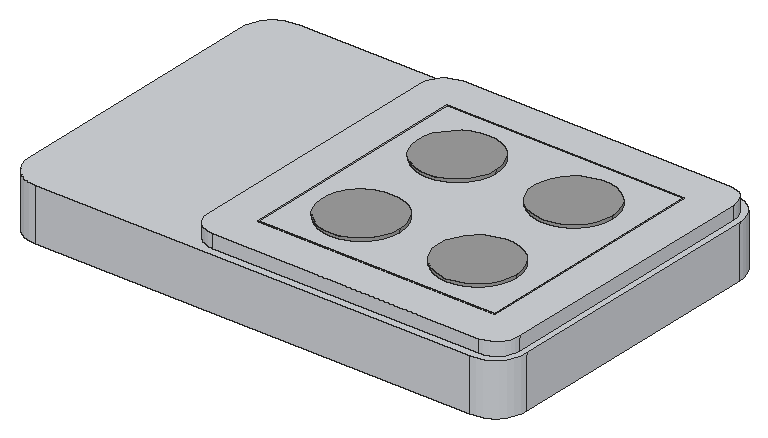
Revit family "Lighting-Industrial-GEWISS-SMART[4]HLO_HIGHBAYS-LED_1M", category Apparecchi per illuminazione, Revit 2019
Family settings
  Quota connettore circolare = Usa diametro
  Tipo di parte = Normale
  Numero OmniClass = 23.80.00.00
  Titolo OmniClass = Electric Power and Lighting
  Basato su piano di lavoro = Sì
  Sempre verticale = No
  Taglio con vuoti quando caricato = No
  Sorgente d'illuminazione = No
  Condiviso = No
  Punto di calcolo locali = No
Parameters (values of type "GWS4122BQ857 - SMART4LB 1M C.PAS.ON/OFF HLO ELL.57K")
  Wiring = "With GW connect watertight connector"
  Weight (kg): = "3,5"
  Warranty = "5 years"
  Voltaggio = 230 V
  Vetro acceso = Lampada accesa
  Version file RFA = "20.11"
  Unique digital code (Datamatrix) = "Datamatrix"
  Unified Glare Rating = "-"
  URL = "https://www.gewiss.com/ww/en"
  Type of light source = "LED - Not replaceable"
  Tilt- = "With bracket accessory"
  Technical sheet = "https://www.gewiss.com/ww/en/search?q=GWS4122BQ857"
  System power = "64W"
  Supply voltage = "220 - 240 V"
  Stocking temperature = "-40 +70 °C"
  Standards and approvals = "-"
  Standard- = "EN 60598-1 ; EN 60598-2-1 ; EN 60598-2-24"
  Standard Deviation Colour Matching = "SDCM = 3"
  Spostamento_Y_etichetta [instance] = 0 mm
  Spostamento_Y_effettivo_etichetta [instance] = 1500 mm - Spostamento_Y_etichetta  # 1500 mm
  Spostamento_X_etichetta [instance] = 0 mm
  Spostamento_X_effettivo_etichetta [instance] = 1500 mm - Spostamento_X_etichetta  # 1500 mm
  Shock resistance = "IK08"
  Shield type = "Tempered glass Thickness 4mm"
  SEO = "Low bay"
  Realized by GEWISS S.p.A. = ""
  Rated frequency (Hz) = "50/60 Hz"
  Produttore = "GEWISS S.p.A."
  Photobiological Risk Class = "RG0"
  Overvoltage protection = "DM 6kV / CM 6kV"
  Optic and illuminating features = "-"
  Optic Maintenance = "Non-replaceable"
  Optic : = "Metallic PC reflector and PMMA lenses"
  Optic = "Elliptical"
  Operating temperature : = "-30°C ÷ +50 °C"
  Offset etichetta W [instance] = 120 mm
  Mouting and installation = "Ceiling - Wallmounting - Suspension"
  Modello = "GWS4122BQ857"
  Maximum surface exposed to the wind : = "0,097 m²"
  Materials = "-"
  Luminaire = "LED Industrial Reflector "
  Lumen output (lm) = "8200"
  Locking Hook = "-"
  Lifetime = "L90B10 (Tq+25°C) = 70.000 h - L90B10 (Tq+50°C) = 35.000 h"
  Lampada = "LED"
  LED Maintenance = "Non-replaceable"
  Insulation class = "I"
  Installationa and maintenance = "-"
  Immagine tipo = GWL1071.jpg
  IPEA = "-"
  IP degree = "IP66"
  IFC.TypeObject = ""
  IFC.ExportType = ""
  IFC.ExportAs = ""
  IDT = "38a7e34fee1a4d0d9e54b5fc2166bea5"
  IDF = "4926170b-ab71-4dd4-9d69-00cd3560e388"
  Glow Wire Test : = "850 °C"
  General information = "-"
  Gasket = "anti-aging silicone"
  Fixing = "-"
  External screw = "Stainless steel"
  Etichetta wattaggio [instance] = yes
  Default Elevation = 1219.2 mm
  Trasformatore = none
  Spessore plafoniera = 40 mm  # constant formula
  Proiettsmart [instance] = yes
  Raggio led = 30 mm  # constant formula
  Plafoniera = none
  Eletrical and lighting features = "-"
  Electrocod = "2444"
  Efficiency (lm/W) = "128"
  Driver Box = "Built-in"
  Driver = "Included"
  Device with reduced surface temperature = "Yes"
  Descrizione = "SMART[4]LB 1M C.PAS.ON/OFF HLO ELL.57K"
  DIN 18032-3 certification = "With Bracket - Rope Kit + terminal&nbsp;(in approval)"
  Control System : = "ON / OFF"
  Control System = "ON / OFF"
  Context = "Logistics and industrial manufacturing lighting"
  Commenti sul wattaggio = "50W"
  Colour temperature = "5700K"
  Colour : = "Grey RAL 7035"
  Colour = "Grey RAL 7035"
  Color Rendering Index = "CRI-80"
  Classificazione = Lighting
  Classification: = "-"
  Catalogue = "LIGHTING"
  Carico apparente = 50 VA
  Motore = none
  Lunghezza = 383 mm  # constant formula
  Larghezza = 253 mm  # constant formula
  Distanza tot_plafoniera = 74 mm  # constant formula
  Dettaglio bidimensionale attivo [instance] = not(Proiettsmart)  # no
  COBie.Tagnumber = ""
  COBie.CreatedOn = ""
  COBie.CreatebBy = ""
  COBie.ComponentRegisterItemID = ""
  COBie.Component.TagNumber = ""
  COBie.Component.Space = ""
  COBie.Component.SerialNumber = ""
  COBie.Component.InstallationDate = ""
  COBie.Component.Description = ""
  COBie.Component.BarCode = ""
  Body = "PA6 \"Halogen Free\" loaded fibreglass"
  Application = "Internal"
Types (36, lengths in mm): name | Unified Glare Rating | Technical sheet | SEO | Optic : | Optic | Modello | Lumen output (lm) | IDT | Efficiency (lm/W) | Descrizione | Colour temperature
  GWS4120BA830 - SMART4LB 1M ST.AL.ON/OFF HLO ARR.30K | "-" | "https://www.gewiss.com/ww/en/search?q=GWS4120BA830" | "" | "Metallized polycarbonate reflector" | "Array" | "GWS4120BA830" | "8700" | "5980240d57c148668427c31942197637" | "136" | "SMART[4]LB 1M ST.AL.ON/OFF HLO ARR.30K" | "3000K"
  GWS4120BA840 - SMART4LB 1M ST.AL.ON/OFF HLO ARR.40K | "-" | "https://www.gewiss.com/ww/en/search?q=GWS4120BA840" | "" | "Metallized polycarbonate reflector" | "Array" | "GWS4120BA840" | "9200" | "9e4f743f959141c9b29d12f241d5ae24" | "144" | "SMART[4]LB 1M ST.AL.ON/OFF HLO ARR.40K" | "4000K"
  GWS4120BA857 - SMART4LB 1M ST.AL.ON/OFF HLO ARR.57K | "-" | "https://www.gewiss.com/ww/en/search?q=GWS4120BA857" | "" | "Metallized polycarbonate reflector" | "Array" | "GWS4120BA857" | "9200" | "7bc1fb0b84b7457d8f68f87ceb844d06" | "144" | "SMART[4]LB 1M ST.AL.ON/OFF HLO ARR.57K" | "5700K"
  GWS4120BC830 - SMART4LB 1M ST.AL.ON/OFF HLO ASI.30K | "-" | "https://www.gewiss.com/ww/en/search?q=GWS4120BC830" | "Low bay" | "Metallic PC reflector and PMMA lenses" | "Asymmetrical" | "GWS4120BC830" | "7800" | "acdad08c76134dad89b173a5b9cc93b9" | "122" | "SMART[4]LB 1M ST.AL.ON/OFF HLO ASI.30K" | "3000K"
  GWS4120BC840 - SMART4LB 1M ST.AL.ON/OFF HLO ASI.40K | "-" | "https://www.gewiss.com/ww/en/search?q=GWS4120BC840" | "Low bay" | "Metallic PC reflector and PMMA lenses" | "Asymmetrical" | "GWS4120BC840" | "8200" | "5c597e1ff5744d418d0292d6fe9fe715" | "128" | "SMART[4]LB 1M ST.AL.ON/OFF HLO ASI.40K" | "4000K"
  GWS4120BC857 - SMART4LB 1M ST.AL.ON/OFF HLO ASI.57K | "-" | "https://www.gewiss.com/ww/en/search?q=GWS4120BC857" | "Low bay" | "Metallic PC reflector and PMMA lenses" | "Asymmetrical" | "GWS4120BC857" | "8200" | "e83a54f6850540ac8156a34e1b5d33fb" | "128" | "SMART[4]LB 1M ST.AL.ON/OFF HLO ASI.57K" | "5700K"
  GWS4120BF830 - SMART4LB 1M ST.AL.ON/OFF HLO 30° 30K | "UGR - 22" | "https://www.gewiss.com/ww/en/search?q=GWS4120BF830" | "" | "Metallic PC reflector and PMMA lenses" | "30°" | "GWS4120BF830" | "8600" | "6ef3c88a00de4d269af8a8f4c72061d0" | "134" | "SMART[4]LB 1M ST.AL.ON/OFF HLO 30° 30K" | "3000K"
  GWS4120BF840 - SMART4LB 1M ST.AL.ON/OFF HLO 30° 40K | "UGR - 22" | "https://www.gewiss.com/ww/en/search?q=GWS4120BF840" | "" | "Metallic PC reflector and PMMA lenses" | "30°" | "GWS4120BF840" | "9000" | "327bf72fa53546518570e5f3624fd406" | "141" | "SMART[4]LB 1M ST.AL.ON/OFF HLO 30° 40K" | "4000K"
  GWS4120BF857 - SMART4LB 1M ST.AL.ON/OFF HLO 30° 57K | "UGR - 22" | "https://www.gewiss.com/ww/en/search?q=GWS4120BF857" | "" | "Metallic PC reflector and PMMA lenses" | "30°" | "GWS4120BF857" | "9000" | "be34e83605d648e480c7a2b94495f9d6" | "141" | "SMART[4]LB 1M ST.AL.ON/OFF HLO 30° 57K" | "5700K"
  GWS4120BH830 - SMART4LB 1M ST.AL.ON/OFF HLO 60° 30K | "UGR - 25" | "https://www.gewiss.com/ww/en/search?q=GWS4120BH830" | "" | "Metallic PC reflector and PMMA lenses" | "60°" | "GWS4120BH830" | "8700" | "1073dc8096d14559ad69109d852e8452" | "136" | "SMART[4]LB 1M ST.AL.ON/OFF HLO 60° 30K" | "3000K"
  GWS4120BH840 - SMART4LB 1M ST.AL.ON/OFF HLO 60° 40K | "UGR - 25" | "https://www.gewiss.com/ww/en/search?q=GWS4120BH840" | "" | "Metallic PC reflector and PMMA lenses" | "60°" | "GWS4120BH840" | "9200" | "db5c7943ee2545ea8595a897a47f99d2" | "144" | "SMART[4]LB 1M ST.AL.ON/OFF HLO 60° 40K" | "4000K"
  GWS4120BH857 - SMART4LB 1M ST.AL.ON/OFF HLO 60° 57K | "UGR - 25" | "https://www.gewiss.com/ww/en/search?q=GWS4120BH857" | "" | "Metallic PC reflector and PMMA lenses" | "60°" | "GWS4120BH857" | "9200" | "1acafd3169ec46d48b43ffa05d04a8df" | "144" | "SMART[4]LB 1M ST.AL.ON/OFF HLO 60° 57K" | "5700K"
  GWS4120BP830 - SMART4LB 1M ST.AL.ON/OFF HLO 90° 30K | "UGR - 25" | "https://www.gewiss.com/ww/en/search?q=GWS4120BP830" | "" | "Metallic PC reflector and PMMA lenses" | "90°" | "GWS4120BP830" | "8800" | "73924a2c68f4440ab09b5f11815c9bbc" | "138" | "SMART[4]LB 1M ST.AL.ON/OFF HLO 90° 30K" | "3000K"
  GWS4120BP840 - SMART4LB 1M ST.AL.ON/OFF HLO 90° 40K | "UGR - 25" | "https://www.gewiss.com/ww/en/search?q=GWS4120BP840" | "" | "Metallic PC reflector and PMMA lenses" | "90°" | "GWS4120BP840" | "9200" | "197e7275b88249e2abf9adbd962bfdad" | "144" | "SMART[4]LB 1M ST.AL.ON/OFF HLO 90° 40K" | "4000K"
  GWS4120BP857 - SMART4LB 1M ST.AL.ON/OFF HLO 90° 57K | "UGR - 25" | "https://www.gewiss.com/ww/en/search?q=GWS4120BP857" | "" | "Metallic PC reflector and PMMA lenses" | "90°" | "GWS4120BP857" | "9200" | "69ce464822124d2287c0f19986e57caf" | "144" | "SMART[4]LB 1M ST.AL.ON/OFF HLO 90° 57K" | "5700K"
  GWS4120BQ830 - SMART4LB 1M ST.AL.ON/OFF HLO ELL.30K | "-" | "https://www.gewiss.com/ww/en/search?q=GWS4120BQ830" | "Low bay" | "Metallic PC reflector and PMMA lenses" | "Elliptical" | "GWS4120BQ830" | "7800" | "ae1ae4117d19437ea49ae9dd1a6f8754" | "122" | "SMART[4]LB 1M ST.AL.ON/OFF HLO ELL.30K" | "3000K"
  GWS4120BQ840 - SMART4LB 1M ST.AL.ON/OFF HLO ELL.40K | "-" | "https://www.gewiss.com/ww/en/search?q=GWS4120BQ840" | "Low bay" | "Metallic PC reflector and PMMA lenses" | "Elliptical" | "GWS4120BQ840" | "8200" | "0cd218d5c0634c7baf076751e044eb01" | "128" | "SMART[4]LB 1M ST.AL.ON/OFF HLO ELL.40K" | "4000K"
  GWS4120BQ857 - SMART4LB 1M ST.AL.ON/OFF HLO ELL.57K | "-" | "https://www.gewiss.com/ww/en/search?q=GWS4120BQ857" | "Low bay" | "Metallic PC reflector and PMMA lenses" | "Elliptical" | "GWS4120BQ857" | "8200" | "93910fbd0ac54e73bee3fb75cc529df9" | "128" | "SMART[4]LB 1M ST.AL.ON/OFF HLO ELL.57K" | "5700K"
  GWS4122BA830 - SMART4LB 1M C.PAS.ON/OFF HLO ARR.30K | "-" | "https://www.gewiss.com/ww/en/search?q=GWS4122BA830" | "" | "Metallized polycarbonate reflector" | "Array" | "GWS4122BA830" | "8700" | "7b2a187e11c24f71b9fa4a2cabea7cc0" | "136" | "SMART[4]LB 1M C.PAS.ON/OFF HLO ARR.30K" | "3000K"
  GWS4122BA840 - SMART4LB 1M C.PAS.ON/OFF HLO ARR.40K | "-" | "https://www.gewiss.com/ww/en/search?q=GWS4122BA840" | "" | "Metallized polycarbonate reflector" | "Array" | "GWS4122BA840" | "9200" | "9bfe0c9aa3be4cd386c6dc9caa000e5e" | "144" | "SMART[4]LB 1M C.PAS.ON/OFF HLO ARR.40K" | "4000K"
  GWS4122BA857 - SMART4LB 1M C.PAS.ON/OFF HLO ARR.57K | "-" | "https://www.gewiss.com/ww/en/search?q=GWS4122BA857" | "" | "Metallized polycarbonate reflector" | "Array" | "GWS4122BA857" | "9200" | "0386dc4ba2ac4121890779a000b68b9a" | "144" | "SMART[4]LB 1M C.PAS.ON/OFF HLO ARR.57K" | "5700K"
  GWS4122BC830 - SMART4LB 1M C.PAS.ON/OFF HLO ASI.30K | "-" | "https://www.gewiss.com/ww/en/search?q=GWS4122BC830" | "Low bay" | "Metallic PC reflector and PMMA lenses" | "Asymmetrical" | "GWS4122BC830" | "7800" | "9d4caf84c48a4974aebf18c7459d647f" | "122" | "SMART[4]LB 1M C.PAS.ON/OFF HLO ASI.30K" | "3000K"
  GWS4122BC840 - SMART4LB 1M C.PAS.ON/OFF HLO ASI.40K | "-" | "https://www.gewiss.com/ww/en/search?q=GWS4122BC840" | "Low bay" | "Metallic PC reflector and PMMA lenses" | "Asymmetrical" | "GWS4122BC840" | "8200" | "b7da540b333d4a4ca5313746b5707f46" | "128" | "SMART[4]LB 1M C.PAS.ON/OFF HLO ASI.40K" | "4000K"
  GWS4122BC857 - SMART4LB 1M C.PAS.ON/OFF HLO ASI.57K | "-" | "https://www.gewiss.com/ww/en/search?q=GWS4122BC857" | "Low bay" | "Metallic PC reflector and PMMA lenses" | "Asymmetrical" | "GWS4122BC857" | "8200" | "d50664158c6149349128239c9b8f698a" | "128" | "SMART[4]LB 1M C.PAS.ON/OFF HLO ASI.57K" | "5700K"
  GWS4122BF830 - SMART4LB 1M C.PAS.ON/OFF HLO 30° 30K | "UGR - 22" | "https://www.gewiss.com/ww/en/search?q=GWS4122BF830" | "" | "Metallic PC reflector and PMMA lenses" | "30°" | "GWS4122BF830" | "8600" | "510fcfd209194af2a022a7f471e6f009" | "134" | "SMART[4]LB 1M C.PAS.ON/OFF HLO 30° 30K" | "3000K"
  GWS4122BF840 - SMART4LB 1M C.PAS.ON/OFF HLO 30° 40K | "UGR - 22" | "https://www.gewiss.com/ww/en/search?q=GWS4122BF840" | "" | "Metallic PC reflector and PMMA lenses" | "30°" | "GWS4122BF840" | "9000" | "62d5d6d8b6334a2f95984cfb5004b4b9" | "141" | "SMART[4]LB 1M C.PAS.ON/OFF HLO 30° 40K" | "4000K"
  GWS4122BF857 - SMART4LB 1M C.PAS.ON/OFF HLO 30° 57K | "UGR - 22" | "https://www.gewiss.com/ww/en/search?q=GWS4122BF857" | "" | "Metallic PC reflector and PMMA lenses" | "30°" | "GWS4122BF857" | "9000" | "ca9f3da5940c4eb2a8b9d3cda3c5aea7" | "141" | "SMART[4]LB 1M C.PAS.ON/OFF HLO 30° 57K" | "5700K"
  GWS4122BH830 - SMART4LB 1M C.PAS.ON/OFF HLO 60° 30K | "UGR - 25" | "https://www.gewiss.com/ww/en/search?q=GWS4122BH830" | "" | "Metallic PC reflector and PMMA lenses" | "60°" | "GWS4122BH830" | "8700" | "a1cb82dd0494484885608b9236a300ad" | "136" | "SMART[4]LB 1M C.PAS.ON/OFF HLO 60° 30K" | "3000K"
  GWS4122BH840 - SMART4LB 1M C.PAS.ON/OFF HLO 60° 40K | "UGR - 25" | "https://www.gewiss.com/ww/en/search?q=GWS4122BH840" | "" | "Metallic PC reflector and PMMA lenses" | "60°" | "GWS4122BH840" | "9200" | "bb38c99f51444ae0ad9ddba24f972cb7" | "144" | "SMART[4]LB 1M C.PAS.ON/OFF HLO 60° 40K" | "4000K"
  GWS4122BH857 - SMART4LB 1M C.PAS.ON/OFF HLO 60° 57K | "UGR - 25" | "https://www.gewiss.com/ww/en/search?q=GWS4122BH857" | "" | "Metallic PC reflector and PMMA lenses" | "60°" | "GWS4122BH857" | "9200" | "726b163f0e2843d680d988d84be2e4ba" | "144" | "SMART[4]LB 1M C.PAS.ON/OFF HLO 60° 57K" | "5700K"
  GWS4122BP830 - SMART4LB 1M C.PAS.ON/OFF HLO 90° 30K | "UGR - 25" | "https://www.gewiss.com/ww/en/search?q=GWS4122BP830" | "" | "Metallic PC reflector and PMMA lenses" | "90°" | "GWS4122BP830" | "8800" | "54b8459f68734a0fb437acb193bf863d" | "138" | "SMART[4]LB 1M C.PAS.ON/OFF HLO 90° 30K" | "3000K"
  GWS4122BP840 - SMART4LB 1M C.PAS.ON/OFF HLO 90° 40K | "UGR - 25" | "https://www.gewiss.com/ww/en/search?q=GWS4122BP840" | "" | "Metallic PC reflector and PMMA lenses" | "90°" | "GWS4122BP840" | "9200" | "2412451b807a46bf94ff885c11c35565" | "144" | "SMART[4]LB 1M C.PAS.ON/OFF HLO 90° 40K" | "4000K"
  GWS4122BP857 - SMART4LB 1M C.PAS.ON/OFF HLO 90° 57K | "UGR - 25" | "https://www.gewiss.com/ww/en/search?q=GWS4122BP857" | "" | "Metallic PC reflector and PMMA lenses" | "90°" | "GWS4122BP857" | "9200" | "13d854be9f764cd7a67ca30838c65e76" | "144" | "SMART[4]LB 1M C.PAS.ON/OFF HLO 90° 57K" | "5700K"
  GWS4122BQ830 - SMART4LB 1M C.PAS.ON/OFF HLO ELL.30K | "-" | "https://www.gewiss.com/ww/en/search?q=GWS4122BQ830" | "Low bay" | "Metallic PC reflector and PMMA lenses" | "Elliptical" | "GWS4122BQ830" | "7800" | "07bc32fd9f96459cbf3edcf666d4cfa1" | "122" | "SMART[4]LB 1M C.PAS.ON/OFF HLO ELL.30K" | "3000K"
  GWS4122BQ840 - SMART4LB 1M C.PAS.ON/OFF HLO ELL.40K | "-" | "https://www.gewiss.com/ww/en/search?q=GWS4122BQ840" | "Low bay" | "Metallic PC reflector and PMMA lenses" | "Elliptical" | "GWS4122BQ840" | "8200" | "5ea3e835341d4951a691c5517179f43a" | "128" | "SMART[4]LB 1M C.PAS.ON/OFF HLO ELL.40K" | "4000K"
  GWS4122BQ857 - SMART4LB 1M C.PAS.ON/OFF HLO ELL.57K | "-" | "https://www.gewiss.com/ww/en/search?q=GWS4122BQ857" | "Low bay" | "Metallic PC reflector and PMMA lenses" | "Elliptical" | "GWS4122BQ857" | "8200" | "38a7e34fee1a4d0d9e54b5fc2166bea5" | "128" | "SMART[4]LB 1M C.PAS.ON/OFF HLO ELL.57K" | "5700K"
Reference planes
  plane 1 "Centro (Fronte/Retro)": y = 0
  plane 2: z = 0
  plane 3 "Centro (Sinistra/Destra)": x = 0
  plane 4: x = -191.5
  plane 5: y = 126.5
  plane 6: x = 191.5
  plane 7: y = -126.5
  plane 8: z = -74
  plane 9: x = -175.5
  plane 10: y = -110.5
  plane 11: y = 110.5
  plane 12: x = -60.5
  plane 13: y = 121.5
  plane 14: x = 186.5
  plane 15: y = -120
  plane 16: z = 74
  plane 17: z = 84
  plane 18: z = 86
  plane 19: x = -1500
  plane 20: y = -1500
  plane 21: x = 0
  plane 22: y = 0
Dimensions and locks
  equal spacing: plane 5, plane 1 "Centro (Fronte/Retro)", plane 7
  equal spacing: plane 4, plane 3 "Centro (Sinistra/Destra)", plane 6
  "Lunghezza": plane 4 to plane 6
  "Larghezza": plane 5 to plane 7
  locked: plane 14 to plane 6 at 5
  locked: plane 5 to plane 13 at 5
  nested 3 to plane 8 = 133.058 mm
  locked: plane 4 to plane 9 at 16
  "Offset etichetta W": plane 1 "Centro (Fronte/Retro)" to plane 15
  "Distanza tot_plafoniera": plane 16 to level
  locked: plane 18 to plane 17 at 2
  plane 19 to plane 3 "Centro (Sinistra/Destra)" = 1500 mm
  plane 1 "Centro (Fronte/Retro)" to plane 20 = 1500 mm
  "Spostamento_Y_effettivo_etichetta": plane 22 to plane 20
  "Spostamento_X_effettivo_etichetta": plane 19 to plane 21
  aligned and locked: level to plane 2
  aligned and locked: plane 4 to nested 1
  aligned and locked: plane 6 to nested 1
  aligned and locked: plane 5 to nested 1
  aligned and locked: plane 7 to nested 1
  aligned and locked: plane 14 to nested 2
  aligned and locked: plane 1 "Centro (Fronte/Retro)" to nested 10
  aligned and locked: nested 3 to plane 2
  aligned and locked: plane 16 to nested 1
  aligned and locked: plane 1 "Centro (Fronte/Retro)" to nested 8
  aligned and locked: plane 1 "Centro (Fronte/Retro)" to nested 1
  aligned and locked: plane 1 "Centro (Fronte/Retro)" to nested 2
  aligned and locked: nested 2 to plane 16
  aligned and locked: nested 4 to plane 18
  aligned and locked: plane 18 to nested 6
  aligned and locked: nested 7 to plane 18
  aligned and locked: plane 18 to nested 5
  aligned and locked: nested 9 to plane 22
  aligned and locked: plane 21 to nested 9
Nested families
  nested 1: "Struttura_SMART[4] LB - 2+2 L" at (0, 0, 74), type "SMART Lab (4) 4L"
  nested 2: "mascherina_SMART (4)" at (66.5, 0, 84), type "Maschera_smart (4) 4L", detail levels medium+fine
  nested 3: "Staffa SMART LAB 4" at (65, -20, 59.058) x (0, 1, 0) z (0, 0, -1), type "Staffa SMART LAB 4", detail levels medium+fine
  nested 4: "Gewis - Led" at (20.25, 44.75, 86), type "Gewis - Led", detail levels fine
  nested 5: "Gewis - Led" at (109.75, 44.75, 86) x (-1, 0, 0) z (0, 0, 1), type "Gewis - Led", detail levels fine
  nested 6: "Gewis - Led" at (20.25, -47.75, 86), type "Gewis - Led", detail levels fine
  nested 7: "Gewis - Led" at (109.75, -47.75, 86) x (-1, 0, 0) z (0, 0, 1), type "Gewis - Led", detail levels fine
  nested 8: "Rappr_bidimensionale_SMART[4] LB 4L" at (40, 0, 0), visible <- "Dettaglio bidimensionale attivo", type "SMART[4] LB 4L_bidimensionalerfa"
  nested 9: "ETICHETTA LIGHT" at (0, 0, 0), visible <- "Etichetta wattaggio", type "ETICHETTA LIGHT"
  nested 10: "PROIETTSMART " at (-32.162, 0, 0), visible <- "Proiettsmart", type "PROIETTSMART "
Connectors
  electrical at (0.009, -0.098, 34), driven by "Classificazione", driven by "Carico apparente"
    settings: on nested 1, index 1, voltage 230 V, apparent load 0 VA, apparent load phase1 50 VA, apparent load phase2 0 VA, apparent load phase3 0 VA, power factor 1, load classification "Lighting", number of poles 2, system type 31, power factor state 1, is connector primary yes, connector utility no, sub classification motor no, connector description ""
Definition of nested family "Struttura_SMART[4] LB - 2+2 L"
  Parameters (values of type "SMART Lab (4) 4L")
    Struttura plafoniera = none
    Spessore_plafoniera = 40 mm
    Lunghezza = 383 mm
    Larghezza = 253 mm
  Reference planes
    plane 1 "Asse sorgente illuminazione (F/B)": y = 0
    plane 2: z = 0
    plane 3 "Asse sorgente illuminazione (L/R)": x = 0
    plane 4 "Prospetto sorgente di illuminazione": z = -40
    plane 5 "SX": x = -191.5
    plane 6 "DX": x = 191.5
    plane 7 "DIETRO": y = 126.5
    plane 8 "AVANTI": y = -126.5
    plane 9: x = -51.5
    plane 10: x = 180.5
    plane 11: y = -115.5
    plane 12: y = 115.5
    plane 13: x = -180.5
    plane 14: x = 51.5
  Forms (mm)
    Extrusion 1, solid, material <- "Struttura plafoniera"
      sketch origin (0, 0, 0) x (1, 0, 0) y (0, 1, 0)
        loop
          line (191.5, -102.095) -> (191.5, 102.09)
          arc (191.5, 102.09) -> (184.35, 119.35) -> (167.09, 126.5) r 24.41
          line (167.09, 126.5) -> (-167.009, 126.5)
          arc (-167.009, 126.5) -> (-184.554, 119.1) -> (-191.5, 101.371) r 24.499
          line (-191.5, 101.371) -> (-191.5, -102.092)
          arc (-191.5, -102.092) -> (-184.351, -119.351) -> (-167.092, -126.5) r 24.408
          line (-167.092, -126.5) -> (167.117, -126.5)
          arc (167.117, -126.5) -> (184.334, -119.368) -> (191.465, -102.152) r 24.348
      from -40 to 0
  Dimensions and locks
    equal spacing: plane 5 "SX", plane 3 "Asse sorgente illuminazione (L/R)", plane 6 "DX"
    equal spacing: plane 7 "DIETRO", plane 1 "Asse sorgente illuminazione (F/B)", plane 8 "AVANTI"
    "Lunghezza": plane 5 "SX" to plane 6 "DX"
    "Larghezza": plane 7 "DIETRO" to plane 8 "AVANTI"
    locked: plane 7 "DIETRO" to plane 12 at 11
    locked: plane 11 to plane 8 "AVANTI" at 11
    locked: plane 10 to plane 6 "DX" at 11
    locked: plane 9 to plane 10 at 232
    plane 13 to plane 14 = 232 mm
    locked: plane 5 "SX" to plane 13 at 11
    "Spessore_plafoniera": plane 2 to plane 4 "Prospetto sorgente di illuminazione"
    aligned and locked: level to plane 2
    aligned and locked: Extrusion 1 to plane 5 "SX"
    aligned and locked: Extrusion 1 to plane 8 "AVANTI"  (x2)
    aligned and locked: plane 7 "DIETRO" to Extrusion 1
    aligned and locked: plane 6 "DX" to Extrusion 1
    aligned and locked: plane 4 "Prospetto sorgente di illuminazione" to Extrusion 1
    aligned and locked: plane 2 to Extrusion 1
  Automatic sketch dimensions
    Extrusion 1 sketch curve to plane 5 "SX" = 0 mm
    Extrusion 1 sketch curve to plane 8 "AVANTI" = 0 mm
    Extrusion 1 sketch curve to plane 7 "DIETRO" = 0 mm
    Extrusion 1 sketch curve to plane 6 "DX" = 0 mm
    plane 13 to Extrusion 1 sketch curve = 13.408 mm
    plane 13 to Extrusion 1 sketch curve = 13.491 mm
    Extrusion 1 sketch curve to plane 10 = 13.41 mm
    Extrusion 1 sketch curve to plane 10 = 13.383 mm
    plane 11 to Extrusion 1 sketch curve = 13.348 mm
    Extrusion 1 sketch curve to plane 12 = 14.129 mm
    Extrusion 1 sketch curve to Extrusion 1 sketch curve = 0.056 mm
Definition of nested family "mascherina_SMART (4)"
  Parameters (values of type "Maschera_smart (4) 4L")
    Spessore_mascherina = 10 mm
    Default Elevation = 1219.2 mm
    N.intarsi = (Lunghezza_mascherina - (Bordo * 2)) / 15 mm  # 12
    N._intarsi verticale = (Larghezza_mascherina - (Bordo * 2)) / 17 mm  # 11
    Mascherina = none
    Lunghezza_mascherina = 240 mm
    Larghezza_mascherina = 240 mm
    Distanza_intarsi v. = 41 mm  # constant formula
    Distanza_intarsi = 37 mm  # constant formula
    Bordo = 29 mm
  Reference planes
    plane 1 "Centro (Fronte/Retro)": y = 0
    plane 2: z = 0
    plane 3 "Centro (Sinistra/Destra)": x = 0
    plane 4: x = -120
    plane 5 "Dietro": y = 120
    plane 6: x = 120
    plane 7: y = -120
    plane 8: x = -91
    plane 9: y = -91
    plane 10: x = 91
    plane 11: y = 91
    plane 12: x = -83
    plane 13: y = 94.742
    plane 14: y = -95
    plane 15: z = -10
    plane 16: x = -95
    plane 17: y = 79
    plane 18: y = -79
    plane 19: x = 95
    plane 20: z = -4.799
  Forms (mm)
    Extrusion 1, solid, material <- "Mascherina"
      sketch origin (0, 0, 0) x (1, 0, 0) y (0, 1, 0)
        loop
          arc (-102.5, 120) -> (-114.874, 114.874) -> (-120, 102.5) r 17.5
          line (-120, 102.5) -> (-120, -102.5)
          arc (-120, -102.5) -> (-114.874, -114.874) -> (-102.5, -120) r 17.5
          line (-102.5, -120) -> (102.5, -120)
          arc (102.5, -120) -> (114.874, -114.874) -> (120, -102.5) r 17.5
          line (120, -102.5) -> (120, 102.5)
          arc (120, 102.5) -> (114.874, 114.874) -> (102.5, 120) r 17.5
          line (102.5, 120) -> (-102.5, 120)
        loop
          line (-91, 91) -> (-91, -91) -> (91, -91) -> (91, 91) -> (-91, 91)
      from -10 to 0
    Extrusion 2, solid, material <- "Mascherina"
      sketch origin (0, 0, 0) x (1, 0, 0) y (0, 1, 0)
        loop
          line (-91, 91) -> (-91, -91) -> (91, -91) -> (91, 91) -> (-91, 91)
      from -4.799 to 0
  Dimensions and locks
    equal spacing: plane 4, plane 3 "Centro (Sinistra/Destra)", plane 6
    "Lunghezza_mascherina": plane 4 to plane 6
    equal spacing: plane 5 "Dietro", plane 1 "Centro (Fronte/Retro)", plane 7
    "Larghezza_mascherina": plane 5 "Dietro" to plane 7
    "Bordo": plane 4 to plane 8
    "Bordo": plane 9 to plane 7
    "Bordo": plane 5 "Dietro" to plane 11
    "Bordo": plane 10 to plane 6
    "Distanza_intarsi": plane 4 to plane 12
    locked: plane 13 to plane 11 at 3.742
    "Spessore_mascherina": plane 2 to plane 15
    "Distanza_intarsi v.": plane 5 "Dietro" to plane 17
    "Distanza_intarsi v.": plane 18 to plane 7
    locked: plane 9 to plane 14 at 4
    locked: plane 16 to plane 8 at 4
    locked: plane 10 to plane 19 at 4
    locked: plane 2 to plane 20 at 4.799
    radius of Extrusion 1 sketch curve = 17.5 mm  (x4)
    aligned and locked: level to plane 2
    aligned and locked: plane 4 to Extrusion 1 sketch curve
    aligned and locked: plane 6 to Extrusion 1 sketch curve
    aligned and locked: Extrusion 1 sketch curve to plane 5 "Dietro"
    aligned and locked: Extrusion 1 sketch curve to plane 7
    aligned and locked: Extrusion 1 sketch curve to plane 11
    aligned and locked: plane 8 to Extrusion 1 sketch curve
    aligned and locked: plane 9 to Extrusion 1 sketch curve
    aligned and locked: Extrusion 1 sketch curve to plane 10
    aligned and locked: plane 2 to Extrusion 1
    aligned and locked: Extrusion 1 to plane 15
    aligned and locked: Extrusion 2 sketch curve to plane 10
    aligned and locked: plane 9 to Extrusion 2 sketch curve
    aligned and locked: plane 8 to Extrusion 2 sketch curve
    aligned and locked: Extrusion 2 sketch curve to plane 11
    aligned and locked: plane 2 to Extrusion 2
    aligned and locked: Extrusion 2 to plane 20
Definition of nested family "Staffa SMART LAB 4"
  Parameters (values of type "Staffa SMART LAB 4")
    Staffa = none
    Default Elevation = 1219.2 mm
  Reference planes
    plane 1 "Centro (Fronte/Retro)": y = 0
    plane 2: z = 0
    plane 3 "Centro (Sinistra/Destra)": x = 0
    plane 4: y = 25
    plane 5: y = -25
    plane 6: x = -480
    plane 7: x = 480
    plane 8: z = 340
  Forms (mm)
    Extrusion 1, solid, material <- "Staffa"
      sketch origin (-19.427, 0, 0) x (1, 0, 0) y (0, 0, 1)
        loop
          line (-52.112, 0) -> (-51.312, 0) -> (-51.312, 5.038) -> (-51.312, 7.679) -> (-48.064, 11.553) -> (-48.309, 20.832)
          arc (-48.309, 20.832) -> (-48.108, 21.384) -> (-47.585, 21.651) r 0.801
          line (-47.585, 21.651) -> (-46.541, 21.744)
          arc (-46.541, 21.744) -> (-45.388, 22.346) -> (-44.998, 23.587) r 1.701
          line (-44.998, 23.587) -> (-45.225, 26.168) -> (-47.881, 28.39) -> (-47.881, 32.971) -> (-23.475, 58.058) -> (62.329, 58.058) -> (86.735, 32.971) -> (86.735, 28.39) -> (84.08, 26.168) -> (83.852, 23.587)
          arc (83.852, 23.587) -> (84.243, 22.346) -> (85.396, 21.744) r 1.701
          line (85.396, 21.744) -> (86.439, 21.651)
          arc (86.439, 21.651) -> (86.963, 21.384) -> (87.163, 20.832) r 0.801
          line (87.163, 20.832) -> (86.919, 11.553) -> (90.167, 7.679) -> (90.167, 5.038) -> (90.167, 0) -> (90.967, 0) -> (90.967, 5.038) -> (90.967, 7.979) -> (87.921, 11.618) -> (88.163, 20.806)
          arc (88.163, 20.806) -> (87.71, 22.048) -> (86.531, 22.647) r 1.801
          line (86.531, 22.647) -> (85.484, 22.74)
          arc (85.484, 22.74) -> (85.009, 22.988) -> (84.849, 23.499) r 0.701
          line (84.849, 23.499) -> (85.039, 25.667) -> (87.735, 27.923) -> (87.735, 32.876) -> (86.947, 34.187) -> (62.751, 59.058) -> (-23.897, 59.058) -> (-48.093, 34.187) -> (-48.881, 32.876) -> (-48.881, 27.923) -> (-46.185, 25.667) -> (-45.994, 23.499)
          arc (-45.994, 23.499) -> (-46.155, 22.988) -> (-46.63, 22.74) r 0.701
          line (-46.63, 22.74) -> (-47.676, 22.647)
          arc (-47.676, 22.647) -> (-48.856, 22.048) -> (-49.308, 20.806) r 1.801
          line (-49.308, 20.806) -> (-49.066, 11.618) -> (-52.112, 7.979) -> (-52.112, 5.038) -> (-52.112, 0)
      from -25 to 25
  Dimensions and locks
    equal spacing: plane 6, plane 3 "Centro (Sinistra/Destra)", plane 7
    equal spacing: plane 4, plane 1 "Centro (Fronte/Retro)", plane 5
    plane 4 to plane 5 = 50 mm
    plane 6 to plane 7 = 960 mm
    aligned and locked: level to plane 2
    aligned and locked: plane 4 to Extrusion 1
    aligned and locked: Extrusion 1 to plane 5
  Automatic sketch dimensions
    Extrusion 1 sketch curve to Extrusion 1 sketch curve = 0 mm  (x10)
    Extrusion 1 sketch curve to level = 0 mm  (x2)
    level to Extrusion 1 sketch curve = 5.038 mm
    Extrusion 1 sketch curve to plane 3 "Centro (Sinistra/Destra)" = 71.54 mm
    Extrusion 1 sketch curve to Extrusion 1 sketch curve = 0.8 mm  (x2)
    level to Extrusion 1 sketch curve = 20.806 mm  (x2)
    Extrusion 1 sketch curve to Extrusion 1 sketch curve = 2.804 mm
    level to Extrusion 1 sketch curve = 11.618 mm  (x2)
    Extrusion 1 sketch curve to Extrusion 1 sketch curve = 2.246 mm  (x2)
    Extrusion 1 sketch curve to Extrusion 1 sketch curve = 0.428 mm
    level to Extrusion 1 sketch curve = 20.832 mm  (x2)
    Extrusion 1 sketch curve to Extrusion 1 sketch curve = 1 mm  (x4)
    Extrusion 1 sketch curve to Extrusion 1 sketch curve = 0.788 mm
    level to Extrusion 1 sketch curve = 11.553 mm  (x2)
    Extrusion 1 sketch curve to Extrusion 1 sketch curve = 1.002 mm  (x2)
    level to Extrusion 1 sketch curve = 22.647 mm  (x2)
    Extrusion 1 sketch curve to Extrusion 1 sketch curve = 0.632 mm
    level to Extrusion 1 sketch curve = 21.651 mm  (x2)
    Extrusion 1 sketch curve to Extrusion 1 sketch curve = 0.092 mm  (x2)
    Extrusion 1 sketch curve to Extrusion 1 sketch curve = 0.984 mm
    level to Extrusion 1 sketch curve = 22.74 mm  (x2)
    Extrusion 1 sketch curve to Extrusion 1 sketch curve = 0.062 mm
    level to Extrusion 1 sketch curve = 21.744 mm  (x2)
    Extrusion 1 sketch curve to Extrusion 1 sketch curve = 0.088 mm
    Extrusion 1 sketch curve to Extrusion 1 sketch curve = 0.507 mm
    level to Extrusion 1 sketch curve = 23.499 mm  (x2)
    Extrusion 1 sketch curve to Extrusion 1 sketch curve = 0.698 mm  (x2)
    Extrusion 1 sketch curve to Extrusion 1 sketch curve = 0.96 mm  (x2)
    level to Extrusion 1 sketch curve = 23.587 mm  (x2)
    Extrusion 1 sketch curve to plane 3 "Centro (Sinistra/Destra)" = 43.324 mm
    Extrusion 1 sketch curve to Extrusion 1 sketch curve = 0.422 mm  (x2)
    plane 3 "Centro (Sinistra/Destra)" to Extrusion 1 sketch curve = 42.902 mm
    Extrusion 1 sketch curve to Extrusion 1 sketch curve = 21.523 mm
    level to Extrusion 1 sketch curve = 26.168 mm
    Extrusion 1 sketch curve to Extrusion 1 sketch curve = 0.227 mm
    Extrusion 1 sketch curve to Extrusion 1 sketch curve = 0.996 mm
    level to Extrusion 1 sketch curve = 25.667 mm
    Extrusion 1 sketch curve to Extrusion 1 sketch curve = 0.548 mm
    Extrusion 1 sketch curve to Extrusion 1 sketch curve = 0.966 mm
    Extrusion 1 sketch curve to Extrusion 1 sketch curve = 0.077 mm
    level to Extrusion 1 sketch curve = 28.39 mm
    Extrusion 1 sketch curve to Extrusion 1 sketch curve = 1.696 mm
    Extrusion 1 sketch curve to Extrusion 1 sketch curve = 0.557 mm
    level to Extrusion 1 sketch curve = 34.187 mm
    Extrusion 1 sketch curve to Extrusion 1 sketch curve = 0.212 mm
    Extrusion 1 sketch curve to Extrusion 1 sketch curve = 0.801 mm
    level to Extrusion 1 sketch curve = 7.679 mm
    Extrusion 1 sketch curve to Extrusion 1 sketch curve = 2.641 mm  (x2)
    Extrusion 1 sketch curve to Extrusion 1 sketch curve = 0.3 mm  (x2)
    Extrusion 1 sketch curve to Extrusion 1 sketch curve = 2.168 mm
    Extrusion 1 sketch curve to Extrusion 1 sketch curve = 0.501 mm
    Extrusion 1 sketch curve to Extrusion 1 sketch curve = 0.467 mm  (x2)
    Extrusion 1 sketch curve to Extrusion 1 sketch curve = 2.256 mm
    Extrusion 1 sketch curve to Extrusion 1 sketch curve = 4.486 mm
    Extrusion 1 sketch curve to Extrusion 1 sketch curve = 1.311 mm
    Extrusion 1 sketch curve to Extrusion 1 sketch curve = 0.095 mm  (x2)
    Extrusion 1 sketch curve to Extrusion 1 sketch curve = 1.216 mm
    Extrusion 1 sketch curve to Extrusion 1 sketch curve = 23.87 mm
Definition of nested family "Gewis - Led"
  Parameters (values of type "Gewis - Led")
    Vetro = none
    Raggio led = 30 mm
    Default Elevation = 1219.2 mm
    Estensione vetro = 3 mm
  Reference planes
    plane 1 "Centro (Fronte/Retro)": y = 0
    plane 2: z = 0
    plane 3 "Centro (Sinistra/Destra)": x = 0
  Forms (mm)
    Extrusion 1, solid, material <- "Vetro"
      sketch origin (0, 0, 0) x (1, 0, 0) y (0, 1, 0)
        loop
          circle (0, 0) r 30
      from -3 to 0
  Dimensions and locks
    "Estensione vetro": level to Extrusion 1
    "Raggio led": radius of Extrusion 1 sketch curve
    aligned and locked: level to plane 2
    aligned and locked: level to Extrusion 1
  Automatic sketch dimensions
    plane 1 "Centro (Fronte/Retro)" to Extrusion 1 sketch curve = 0 mm
    Extrusion 1 sketch curve to plane 3 "Centro (Sinistra/Destra)" = 0 mm
Definition of nested family "Rappr_bidimensionale_SMART[4] LB 4L"
  Reference planes
    plane 1 "Centro (Fronte/Retro)": y = 0
    plane 2: z = 0
    plane 3 "Centro (Sinistra/Destra)": x = 0
  Lines and regions (mm)
    model lines, in view "Livello rif."
      curve 1: circle (-20.568, 47.057, 0) r 28.619 normal (0, 0, 1)
      curve 2: circle (73.432, -46.943, 0) r 28.619 normal (0, 0, 1)
      curve 3: circle (-20.568, -46.943, 0) r 28.619 normal (0, 0, 1)
      curve 4: circle (73.432, 47.057, 0) r 28.619 normal (0, 0, 1)
      curve 5: arc (-93.068, -104.009, 0) -> (-88.529, -114.969, 0) -> (-77.568, -119.509, 0) r 15.5
      curve 6: arc (145.932, 103.991, 0) -> (141.392, 114.952, 0) -> (130.432, 119.491, 0) r 15.5
      curve 7: arc (-77.568, 119.491, 0) -> (-88.529, 114.952, 0) -> (-93.068, 103.991, 0) r 15.5
      curve 8: arc (130.432, -119.509, 0) -> (141.392, -114.969, 0) -> (145.932, -104.009, 0) r 15.5
      curve 9: arc (152.721, 103.991, 0) -> (146.196, 119.749, 0) -> (130.441, 126.281, 0) r 22.29
      curve 10: arc (130.443, -126.298, 0) -> (146.197, -119.766, 0) -> (152.721, -104.009, 0) r 22.29
      curve 11: arc (-230.358, -108, 0) -> (-225, -120.942, 0) -> (-212.058, -126.298, 0) r 18.29
      curve 12: arc (-212.077, 126.281, 0) -> (-225.001, 120.924, 0) -> (-230.358, 108, 0) r 18.29
      curve 13: line (-66.068, -92.509, 0) -> (-66.068, 92.491, 0)
      curve 14: line (-66.068, 92.491, 0) -> (118.932, 92.491, 0)
      curve 15: line (118.932, 92.491, 0) -> (118.932, -92.509, 0)
      curve 16: line (118.932, -92.509, 0) -> (-66.068, -92.509, 0)
      curve 17: line (-77.568, -119.509, 0) -> (130.432, -119.509, 0)
      curve 18: line (-77.568, 119.491, 0) -> (130.432, 119.491, 0)
      curve 19: line (-93.068, 103.991, 0) -> (-93.068, -104.009, 0)
      curve 20: line (145.932, 103.991, 0) -> (145.932, -104.009, 0)
      curve 21: line (-212.077, 126.281, 0) -> (130.441, 126.281, 0)
      curve 22: line (152.721, 103.991, 0) -> (152.721, -104.009, 0)
      curve 23: line (130.443, -126.298, 0) -> (-212.058, -126.298, 0)
      curve 24: line (-230.358, -108, 0) -> (-230.358, 108, 0)
Definition of nested family "ETICHETTA LIGHT"
  Parameters (values of type "ETICHETTA LIGHT")
    COMMENTI = "53W"
  Reference planes
    plane 1: y = 0
    plane 2: x = 0
  Text (mm)
    label "COMMENTI" at (-0.057, 0.105, 0), shows "COMMENTI"
Definition of nested family "PROIETTSMART "
  Reference planes
    plane 1 "Centro (Fronte/Retro)": y = 0
    plane 2: z = 0
    plane 3 "Centro (Sinistra/Destra)": x = 0
  Lines and regions (mm)
    model lines, in view "Livello rif."
      curve 1: line (120.593, -21.515, 0) -> (77.393, -0.008, 0)
      curve 2: line (77.393, -0.008, 0) -> (120.593, 21.758, 0)
      curve 3: line (120.593, 21.758, 0) -> (120.593, -21.515, 0)
      curve 4: line (77.393, 21.629, 0) -> (77.393, -21.645, 0)
      curve 5: line (77.393, -0.008, 0) -> (52.133, -0.008, 0)
      curve 6: line (120.593, 0.122, 0) -> (139.246, 0.122, 0)
      curve 7: line (162.162, 66.747, 0) -> (162.162, -66.747, 0)
      curve 8: line (162.162, -66.747, 0) -> (-97.838, -66.747, 0)
      curve 9: line (-97.838, -66.747, 0) -> (-97.838, 66.747, 0)
      curve 10: line (-97.838, 66.747, 0) -> (162.162, 66.747, 0)
      curve 11: line (45.772, 49.667, 0) -> (145.121, 49.667, 0)
      curve 12: line (145.121, 49.667, 0) -> (145.121, -49.683, 0)
      curve 13: line (145.121, -49.683, 0) -> (45.772, -49.683, 0)
      curve 14: line (45.772, -49.683, 0) -> (45.772, 49.667, 0)
